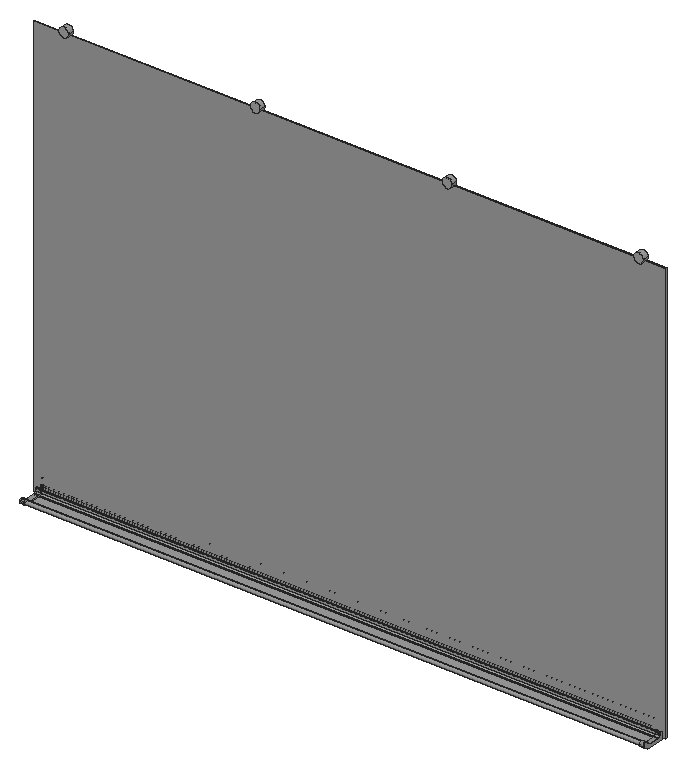
Revit family "Rapport Glass Wall 4x6", category Generic Models, Revit 2018
Family settings
  Can host rebar = No
  Round Connector Dimension = Use Diameter
  Part Type = Normal
  Work Plane-Based = No
  Always vertical = Yes
  Cut with Voids When Loaded = No
  Shared = No
  Room Calculation Point = No
Parameters
  Panel = Rapport Glass Wall 4x6 Panel
Reference planes (in)
  plane 1 "Center (Front/Back)": y = 0
  plane 2: z = 0
  plane 3 "Center (Left/Right)": x = 0
Forms (in)
  Extrusion 1, solid, material "Rapport Glass Wall Trim Metal"
    sketch origin (-23.62205, 0, 18) x (0, 1, 0) y (0, 0, 1)
      loop
        line (-0.28802, 12.71551) -> (-0.28802, 12.22363) -> (-0.48802, 12.22363) -> (-0.48802, 12.77363) -> (-0.60087, 12.77363)
        arc (-0.60087, 12.77363) -> (-0.62209, 12.76485) -> (-0.63087, 12.74363) r 0.03
        line (-0.63087, 12.74363) -> (-0.63087, 12.45418)
        arc (-0.63087, 12.45418) -> (-0.67788, 12.32564) -> (-0.79672, 12.25776) r 0.19924
        arc (-0.79672, 12.25776) -> (-0.86084, 12.24904) -> (-0.92548, 12.24613) r 0.7187
        line (-0.92548, 12.24613) -> (-1.97548, 12.24613)
        arc (-1.97548, 12.24613) -> (-2.26159, 12.30205) -> (-2.50559, 12.4616) r 0.75985
        arc (-2.50559, 12.4616) -> (-2.80704, 12.55283) -> (-2.79142, 12.23827) r 0.19261
        arc (-2.79142, 12.23827) -> (-2.48945, 12.06146) -> (-2.14496, 12) r 0.99607
        line (-2.14496, 12) -> (0, 12) -> (0, 12.30193)
        arc (0, 12.30193) -> (-0.0275, 12.32943) -> (-0.055, 12.30193) r 0.0275
        line (-0.055, 12.30193) -> (-0.055, 12.20843) -> (-0.20802, 12.20843) -> (-0.20802, 12.69439) -> (-0.0848, 12.81762)
        arc (-0.0848, 12.81762) -> (-0.06815, 12.82253) -> (-0.055, 12.81121) r 0.01814
        line (-0.055, 12.81121) -> (-0.055, 12.65693)
        arc (-0.055, 12.65693) -> (-0.0275, 12.62943) -> (0, 12.65693) r 0.0275
        line (0, 12.65693) -> (0, 13.70847)
        arc (0, 13.70847) -> (-0.03996, 13.74843) -> (-0.07993, 13.70847) r 0.03996
        line (-0.07993, 13.70847) -> (-0.07993, 13.62094)
        arc (-0.07993, 13.62094) -> (-0.07047, 13.60109) -> (-0.05, 13.59302) r 0.03
        line (-0.05, 13.59302) -> (-0.05, 13.15338)
        arc (-0.05, 13.15338) -> (-0.07121, 13.14459) -> (-0.08, 13.12338) r 0.03
        line (-0.08, 13.12338) -> (-0.08, 12.92353) -> (-0.28802, 12.71551)
    from -11.31295 to 58.55705
  Extrusion 2, solid, material "Rapport Glass Wall 4x6 Panel" <- "Panel"
    sketch origin (-23.62205, 0, -5.35978) x (0, 1, 0) y (0, 0, 1)
      loop
        line (-0.48802, 35.58341) -> (-0.28802, 35.58341) -> (-0.28802, 82.8275) -> (-0.48802, 82.8275) -> (-0.48802, 35.58341)
    from -11.81795 to 59.06205
  Extrusion 3, solid, material "Rapport Glass Wall Trim Black"
    sketch origin (11.25527, 0, 18) x (0, 1, 0) y (0, 0, -1)
      loop
        line (-0.48802, -12.80488) -> (-0.48802, -11.96875) -> (-2.14496, -11.96875)
        arc (-2.14496, -11.96875) -> (-2.49924, -12.03177) -> (-2.81005, -12.2131) r 1.02732
        arc (-2.81005, -12.2131) -> (-2.82851, -12.57569) -> (-2.47857, -12.47895) r 0.22386
        arc (-2.47857, -12.47895) -> (-2.24646, -12.32965) -> (-1.97548, -12.27738) r 0.7286
        line (-1.97548, -12.27738) -> (-0.92548, -12.27738)
        arc (-0.92548, -12.27738) -> (-0.86355, -12.28017) -> (-0.80213, -12.28853) r 0.68745
        arc (-0.80213, -12.28853) -> (-0.70181, -12.34573) -> (-0.66212, -12.45418) r 0.16799
        line (-0.66212, -12.45418) -> (-0.66212, -12.74363)
        arc (-0.66212, -12.74363) -> (-0.64418, -12.78694) -> (-0.60087, -12.80488) r 0.06125
        line (-0.60087, -12.80488) -> (-0.48802, -12.80488)
    from 45.75863 to 46.29027
  Extrusion 4, solid, material "Rapport Glass Wall Trim Black"
    sketch origin (-11.25527, 0, 18) x (0, 1, 0) y (0, 0, 1)
      loop
        line (-0.48802, 12.80488) -> (-0.60087, 12.80488)
        arc (-0.60087, 12.80488) -> (-0.64418, 12.78694) -> (-0.66212, 12.74363) r 0.06125
        line (-0.66212, 12.74363) -> (-0.66212, 12.45418)
        arc (-0.66212, 12.45418) -> (-0.70181, 12.34573) -> (-0.80213, 12.28853) r 0.16799
        arc (-0.80213, 12.28853) -> (-0.86355, 12.28017) -> (-0.92548, 12.27738) r 0.68745
        line (-0.92548, 12.27738) -> (-1.97548, 12.27738)
        arc (-1.97548, 12.27738) -> (-2.24646, 12.32965) -> (-2.47857, 12.47895) r 0.7286
        arc (-2.47857, 12.47895) -> (-2.82851, 12.57569) -> (-2.81005, 12.2131) r 0.22386
        arc (-2.81005, 12.2131) -> (-2.49924, 12.03177) -> (-2.14496, 11.96875) r 1.02732
        line (-2.14496, 11.96875) -> (-0.48802, 11.96875) -> (-0.48802, 12.80488)
    from 45.75863 to 46.29027
  Extrusion 5, solid, material "Rapport Glass Wall Trim Metal"
    sketch origin (0, 0, 0) x (1, 0, 0) y (0, 0, 1)
      loop
        circle (-31.93088, 77.61709) r 0.53038
      loop
        circle (-10.43088, 77.61709) r 0.53038
      loop
        circle (32.5676, 77.61709) r 0.53038
      loop
        circle (11.0676, 77.61709) r 0.53038
    from 0 to 0.61802
Dimensions and locks (in)
  aligned and locked: plane 2 to level
